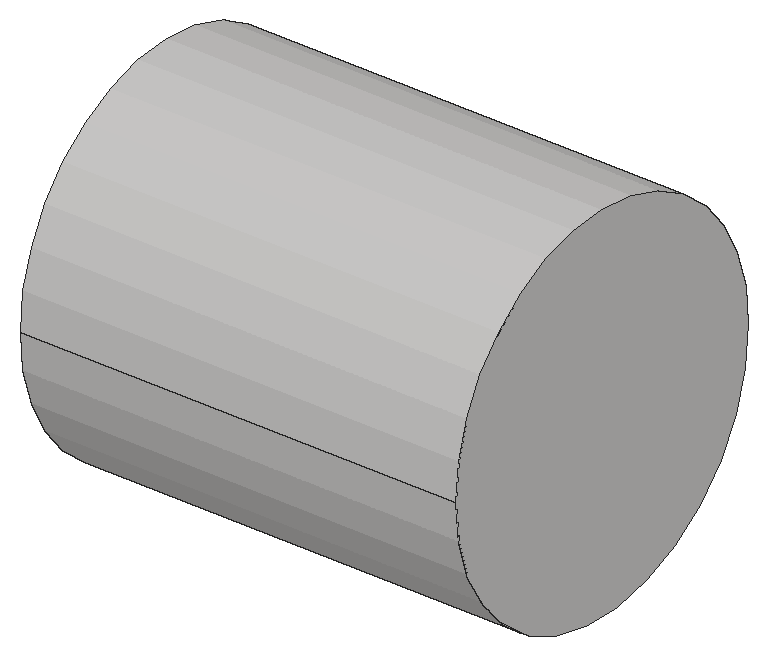
Revit family "Couplings-Shielded_Repair-Champion_Couplings-MI-HUB-ARC_Series", category Pipe Fittings, Revit 2014
Parameters (values of type "MI-HUB-ARC-33")
  Waste Connection = no
  Warranty Information = "1 Year Warranty"  # constant formula
  Vent Connection = no
  URL = "http://www.mifab.com"
  Tick Size = Width A * 0.4  # 1.352"
  Standard Listings & Approval = "CSA Approved, U.P.C. Approved"  # constant formula
  Product Page URL = "http://www.mifab.com/Catalog/No_Hub_Couplings/MIHUBARC_SHIELDED_NO_HUB_REPAIR_COUPLINGS_CI_PL_OR_ST_TO_CI_PL_OR_ST.html"
  Product Documentation Link = "http://www.mifab.com/Catalog/Library/MI-HUB-ARC-spec_sheet.pdf"
  Price = "Prices may vary. Please consult Manufacturer Representative for most up-to-date price list."  # constant formula
  Pipe Size Description = "3” Cast Iron, Plastic or Steel Pipe to 3” Cast iron, Plastic or Steel Pipe."
  Pipe Outlet Connection Diameter = 3.000"
  Pipe Inlet Connection Diameter = 3.000"
  Pallet Quantity = "768"
  Nominal Height = Height  # 4.020"
  Nominal Diameter = 2.66568"
  Model = "MI-HUB-ARC"
  Material = "Metal-Champion Couplings-Stainless Steel"  # constant formula
  Manufacturer = "Champion Couplings"  # constant formula
  List Price (Each Piece) = 21
  Height = 4.020"
  HW Connection = no
  Width A = 3.380"
  Width 2 = 3.380"
  Description = "MIFAB® Series MI-HUB-ARC (specify size) shielded repair couplings are manufactured with gaskets made from\r\nan elastomeric compound that meets the requirements of ASTM C-564 housed inside a Type 300 stainless steel shield. Two\r\nType 300 stainless steel clamps tightened with 5/16” Type 300 stainless steel hex head screws surround the shield to provide\r\nthe sealing force. The MI-HUB-ARC Series of shielded repair couplings are tested and certified to ASTM Standard 1173-2010\r\nand CSA Standard B602-2010 and listed with I.A.P.M.O. All models are listed to the National Plumbing Code of Canada and\r\nrelevant Canadian Standard(s) and bear the cUPC mark of conformity. Non constant temperature rating is 140 F."  # constant formula
  Creation Date = "\"2/17/2016\""
  Carton Quantity = "24"
  CW Connection = yes
  Assembly Code = "D2090800"
Types (10): name | Tick Size | Pipe Size Description | Pipe Outlet Connection Diameter | Pipe Inlet Connection Diameter | Pallet Quantity | Nominal Height | Nominal Diameter | List Price (Each Piece) | Height | Width A | Width 2 | Carton Quantity
  (no name) | 1.352" | "3” Cast Iron, Plastic or Steel Pipe to 3” Cast iron, Plastic or Steel Pipe." | 3.000" | 3.000" | "768" | 4.020" | 2.66568" | 21 | 4.020" | 3.380" | 3.380" | "24"
  MI-HUB-ARC-33 | 1.352" | "3” Cast Iron, Plastic or Steel Pipe to 3” Cast iron, Plastic or Steel Pipe." | 3.000" | 3.000" | "768" | 4.020" | 2.66568" | 21 | 4.020" | 3.380" | 3.380" | "24"
  MI-HUB-ARC-43 | 1.832" | "4\" Cast Iron, Plastic or Steel Pipe to 3\" Cast Iron, Plastic or Steel pipe." | 3.000" | 4.000" | "768" | 4.020" | 3.380" | 38 | 4.020" | 4.580" | 3.380" | "24"
  MI-HUB-ARC-44 | 1.832" | "4\" Cast Iron, Plastic or Steel Pipe to 4\" Cast Iron, Plastic or Steel pipe." | 4.000" | 4.000" | "768" | 4.020" | 3.500" | 26.75 | 4.020" | 4.580" | 4.580" | "24"
  MI-HUB-ARC-55 | 2.208" | "5\" Cast Iron, Plastic or Steel Pipe to 5\" Cast Iron, Plastic or Steel pipe." | 5.000" | 5.000" | "450" | 3.970" | 4.375" | 38 | 3.970" | 5.520" | 5.520" | "18"
  MI-HUB-ARC-66 | 2.640" | "6\" Cast Iron, Plastic or Steel Pipe to 6\" Cast Iron, Plastic or Steel pipe. 6" | 6.000" | 6.000" | "300" | 5.740" | 5.250" | 51 | 5.740" | 6.600" | 6.600" | "10"
  MI-HUB-ARC-64 | 2.640" | "6\" Cast Iron, Plastic or Steel Pipe to 4\" Cast Iron, Plastic or Steel Pipe" | 4.000" | 6.000" | "300" | 5.740" | 4.500" | 66 | 5.740" | 6.600" | 4.500" | "10"
  MI-HUB-ARC-88 | 3.456" | "8\" Cast Iron, Plastic or Steel Pipe to 8\" Cast Iron, Plastic or Steel Pipe" | 8.000" | 8.000" | "300" | 6.040" | 7.000" | 76 | 6.040" | 8.640" | 8.640" | "10"
  MI-HUB-ARC-1010 | 4.252" | "10\" Cast Iron, Plastic or Steel Pipe to 10\" Cast Iron, Plastic or Steel Pipe" | 10.000" | 10.000" | "300" | 5.890" | 8.750" | 98.5 | 5.890" | 10.630" | 10.630" | "10"
  MI-HUB-ARC-1212 | 5.008" | "12\" Cast Iron, Plastic or Steel Pipe to 12\" Cast Iron, Plastic or Steel Pipe" | 12.000" | 12.000" | "300" | 6.320" | 10.500" | 120.5 | 6.320" | 12.520" | 12.520" | "10"
Reference planes (in)
  plane 1 "Center (Front/Back)": y = 0
  plane 2: z = 0
  plane 3 "Center (Left/Right)": x = 0
  plane 4: x = -2.01
  plane 5: x = 2.01
  plane 6: x = 2.01
  plane 7: y = 1.69
  plane 8: y = 1.33284
  plane 9: y = -1.69
  plane 10: y = -1.33284
  plane 11: y = 1.69
  plane 12: y = 1.69
  plane 13: y = -1.69
  plane 14: y = -1.69
Forms (in)
  Extrusion 1, solid, material "Metal-Champion Couplings-Stainless Steel"
    sketch origin (0, 0, 0) x (0, 1, 0) y (0, 0, 1)
      loop
        circle (0, 0) r 1.69
    from -2.01 to 2.01
  Revolve 2, solid, material "Metal-Champion Couplings-Stainless Steel"
    sketch origin (0, 0, 0) x (1, 0, 0) y (0, 1, 0)
      loop
        line (0, 1.69) -> (0, 0) -> (2.01, 0) -> (2.01, 1.33284) -> (0.35716, 1.33284) -> (0, 1.69)
      axis (0, 0) -> (2.01, 0)
    angle from 0 to 360
Cuts and joins
  joined: Extrusion 1, Revolve 2
Lines and regions (in)
  Masking region 1, detail levels fine
    outline origin (0, 0, 0) x (1, 0, 0) y (0, 1, 0)
      loop
        line (-2.01, 1.69) -> (-2.01, -1.69) -> (0, -1.69) -> (0.6, -1.69) -> (2.01, -1.69) -> (2.01, 1.69) -> (0.6, 1.69) -> (0, 1.69) -> (-2.01, 1.69)
  model lines, detail levels coarse+medium
    curve 1: line (-2.01, 1.352, 0) -> (-2.01, -1.352, 0)
    curve 2: line (2.01, 1.352, 0) -> (2.01, -1.352, 0)
    curve 3: line (2.01, 0, 0) -> (-2.01, 0, 0)
Dimensions and locks (in)
  "Height": plane 4 to plane 5
  equal spacing: plane 4, plane 3 "Center (Left/Right)", plane 5
  "Tick Size": plane 1 "Center (Front/Back)" to curve 1
  "Tick Size": curve 1 to plane 1 "Center (Front/Back)"
  "Tick Size": plane 1 "Center (Front/Back)" to curve 2
  "Tick Size": curve 2 to plane 1 "Center (Front/Back)"
  "Nominal Height": plane 4 to plane 6
  "Width A": plane 7 to plane 9
  "Nominal Diameter": plane 10 to plane 8
  equal spacing: plane 7, plane 1 "Center (Front/Back)", plane 9
  equal spacing: plane 10, plane 1 "Center (Front/Back)", plane 8
  "Width A": plane 13 to plane 11
  "Width 2": plane 14 to plane 12
  equal spacing: plane 13, plane 1 "Center (Front/Back)", plane 11
  equal spacing: plane 14, plane 1 "Center (Front/Back)", plane 12
  "Width A": diameter of Extrusion 1 sketch curve
  locked: plane 3 "Center (Left/Right)" to Revolve 2 sketch curve (angle 45.00°)
  aligned and locked: Extrusion 1 to plane 4
  aligned and locked: curve 3 to plane 1 "Center (Front/Back)"
  aligned and locked: curve 1 to plane 4
  aligned and locked: plane 5 to curve 2
  aligned and locked: plane 6 to Extrusion 1
  aligned and locked: plane 5 to Revolve 2 sketch curve
  aligned and locked: plane 3 "Center (Left/Right)" to Revolve 2 sketch curve
  aligned and locked: plane 7 to Revolve 2 sketch curve
  aligned and locked: Revolve 2 sketch curve to plane 8
  aligned and locked: plane 11 to Masking region 1 sketch curve
  aligned and locked: Masking region 1 sketch curve to plane 13
  aligned and locked: plane 12 to Masking region 1 sketch curve
  aligned and locked: plane 5 to Masking region 1 sketch curve
  aligned and locked: Masking region 1 sketch curve to plane 4
  aligned and locked: Masking region 1 sketch curve to plane 14
Automatic sketch dimensions
  Extrusion 1 sketch curve to level = 0.000"
  Extrusion 1 sketch curve to plane 1 "Center (Front/Back)" = 0.000"
  plane 1 "Center (Front/Back)" to Revolve 2 sketch curve = 0.000"  (x2)
  plane 4 to Revolve 2 sketch curve = 0.260"
  Revolve 2 sketch curve to plane 4 = 0.490"
  Masking region 1 sketch curve to plane 3 "Center (Left/Right)" = 0.000"  (x2)
  plane 3 "Center (Left/Right)" to Masking region 1 sketch curve = 0.600"  (x2)
Connectors (in)
  piping at (-2.01, 0, 0), diameter 3, driven by "Pipe Inlet Connection Diameter"
    settings: on Extrusion 1, index 1, connector inside diameter 24", connector length 0.000", flow factor 0, pipe flow 0 GPM, pressure drop 0.00 psi, fitting loss kfactor 0, connector angle 0.00°, fixture units 0, engagement length 0.000", angle of deflection 0.00°, flow configuration 0, flow direction 0, fitting loss method 0, system type 28, joint type 0, gender type 0, connector reference index -1, connector utility 0, adjustable connector no, is connector primary yes, connector description ""
  piping at (2.01, 0, 0), diameter 3, driven by "Pipe Outlet Connection Diameter"
    settings: on Revolve 2, index 2, connector inside diameter 24", connector length 0.000", flow factor 0, pipe flow 0 GPM, pressure drop 0.00 psi, fitting loss kfactor 0, connector angle 0.00°, fixture units 0, engagement length 0.000", angle of deflection 0.00°, flow configuration 0, flow direction 0, fitting loss method 0, system type 28, joint type 0, gender type 0, connector reference index -1, connector utility 0, adjustable connector no, is connector primary no, connector description ""
